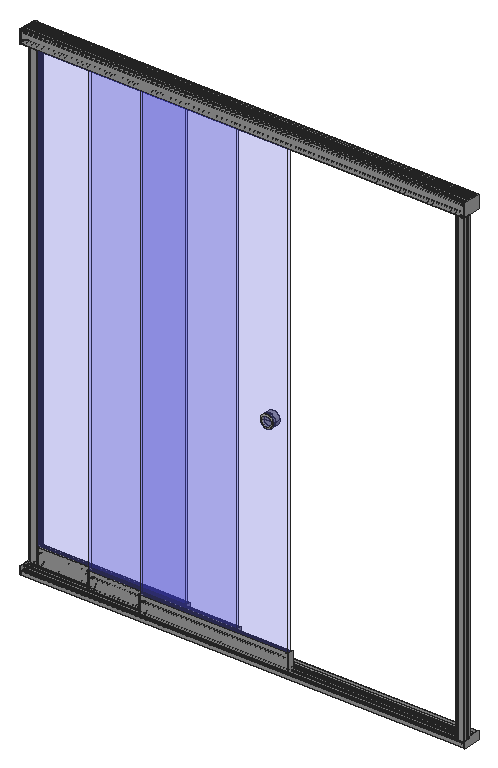
Revit family "SlideTec- 3 Panels.-Retracted 1 side", category Generic Models, Revit 2018 (continued)
Definition of nested family "Panel 1 & 2 "
  Automatic sketch dimensions
    Extrusion 2 sketch curve to Extrusion 2 sketch curve = 0 mm
  Nested families
    nested 1: "Slider Extrusion End Cap RH & LH" at (508.55, 0, 0) x (0, -1, 0) z (0, 0, 1), type "Slider Extrusion End Cap RH & LH"
    nested 2: "Slider Extrusion End Cap End" at (-508.55, 0, 0) x (0, 1, 0) z (0, 0, 1), type "Slider Extrusion End Cap End"
    nested 3: "Handle" at (-408.55, -6.021, 900), type "Handle"
  Definition of nested family "Slider Extrusion End Cap RH & LH"
    Parameters (values of type "Slider Extrusion End Cap RH & LH")
      Framing = none
    Reference planes
      plane 1 "Center (Front/Back)": y = 0
      plane 2: z = 0
      plane 3 "Center (Left/Right)": x = 0
    Forms (mm)
      Extrusion 1, solid, material <- "Framing"
        sketch origin (9.522, -6, 0) x (1, 0, 0) y (0, 1, 0)
          loop
            line (0, 0) -> (-0.051, -14.5) -> (3.708, -14.982) -> (2.849, 6) -> (-19.001, 6) -> (-19.001, 0) -> (0, 0)
        from 0 to 80.905
      Extrusion 2, solid, material <- "Framing"
        sketch origin (9.522, -6, 0) x (0, 1, 0) y (0, 0, 1)
          loop
            line (-31, 43.114) -> (-31, 30.955) -> (-14.14, 0) -> (0, 0) -> (0, 43.655) -> (-31, 43.114)
        from -2.78 to -15.892
      Extrusion 3, void
        sketch origin (12.371, 0, 0) x (-1, 0, 0) y (0, 0, 1)
          loop
            line (9.371, 0) -> (-2.356, 1.188) -> (-2.356, -1.415) -> (21.85, -1.415) -> (21.85, 0.659) -> (15.371, 0) -> (15.371, 8.755)
            arc (15.371, 8.755) -> (12.371, 11.755) -> (9.371, 8.755) r 3
            line (9.371, 8.755) -> (9.371, 0)
        from 0 to -28.971
      Extrusion 4, solid, material <- "Framing"
        sketch origin (6.742, -6, 0) x (0, 1, 0) y (0, 0, 1)
          loop
            line (0, 43.655) -> (-14.5, 43.402) -> (-14.5, -0.888) -> (0, -0.888) -> (0, 43.655)
        from 0 to 2.729
    Cuts and joins
      Extrusion 3 cuts Extrusion 1
      Extrusion 3 cuts Extrusion 2
      Extrusion 3 cuts Extrusion 4
    Dimensions and locks
      aligned and locked: level to plane 2
  Definition of nested family "Slider Extrusion End Cap End"
    Parameters (values of type "Slider Extrusion End Cap End")
      Framing = none
    Reference planes
      plane 1 "Center (Front/Back)": y = 0
      plane 2: z = 0
      plane 3 "Center (Left/Right)": x = 0
    Forms (mm)
      Extrusion 1, solid, material <- "Framing"
        sketch origin (9.522, -6, 0) x (1, 0, 0) y (0, 1, 0)
          loop
            line (-0.043, 6) -> (-19.001, 6) -> (-19.001, 0) -> (-0.043, 0) -> (-0.043, 6)
        from 0 to 80.905
      Extrusion 2, solid, material <- "Framing"
        sketch origin (9.522, -6, 0) x (0, 1, 0) y (0, 0, 1)
          loop
            line (-31, 43.114) -> (-31, 30.955) -> (-14.14, 0) -> (0, 0) -> (0, 43.655) -> (-31, 43.114)
        from -2.78 to -15.892
      Extrusion 3, void
        sketch origin (12.371, 0, 0) x (-1, 0, 0) y (0, 0, 1)
          loop
            line (9.371, 0) -> (-2.356, 1.188) -> (-2.356, -1.415) -> (21.85, -1.415) -> (21.85, 0.659) -> (15.371, 0) -> (15.371, 8.755)
            arc (15.371, 8.755) -> (12.371, 11.755) -> (9.371, 8.755) r 3
            line (9.371, 8.755) -> (9.371, 0)
        from 0 to -28.971
    Cuts and joins
      Extrusion 3 cuts Extrusion 1
      Extrusion 3 cuts Extrusion 2
    Dimensions and locks
      aligned and locked: level to plane 2
  Definition of nested family "Handle"
    Parameters (values of type "Handle")
      Handle = none
    Reference planes
      plane 1 "Center (Front/Back)": y = 0
      plane 2: z = 0
      plane 3 "Center (Left/Right)": x = 0
      plane 4: z = 0
    Forms (mm)
      Revolve 1, solid, material <- "Handle"
        sketch origin (0, 0, 0) x (1, 0, 0) y (0, 1, 0)
          loop
            line (-29, -21.25) -> (-22.5, -24.75) -> (-22.5, -4.268) -> (0, -4.268) -> (0, 4.573) -> (-22.5, 4.573) -> (-22.5, 15.75) -> (-29, 13.75) -> (-29, 12.75) -> (-27.181, 12.75) -> (-27.181, -0.75) -> (-29, -0.75) -> (-29, -21.25)
          axis (0, -24.75) -> (0, 15.75)
        angle from 0 to 360
    Dimensions and locks
      aligned and locked: level to plane 2
Definition of nested family "Panel 2"
  Parameters (values of type "Panel 2")
    Width = 767.125 mm
    Height [instance] = 2000 mm
    Glass = none
    Framing = none
  Reference planes
    plane 1 "Center (Front/Back)": y = 0
    plane 2: z = 0
    plane 3 "Center (Left/Right)": x = 0
    plane 4: x = -377.563
    plane 5: x = 377.563
    plane 6: z = 2000
    plane 7: x = -383.563
    plane 8: x = 383.563
  Forms (mm)
    Extrusion 1, solid, material <- "Framing"
      sketch origin (-125, 0, 0.663) x (0, 1, 0) y (0, 0, 1)
        loop
          line (-3.408, 45.955) -> (3.408, 45.955)
          arc (3.408, 45.955) -> (6.75, 47.192) -> (3.408, 48.43) r 1.9
          line (3.408, 48.43) -> (-3.408, 48.43)
          arc (-3.408, 48.43) -> (-6.75, 47.192) -> (-3.408, 45.955) r 1.9
        loop
          arc (8.85, 0) -> (9.204, 0.146) -> (9.35, 0.5) r 0.5
          line (9.35, 0.5) -> (9.35, 79.992) -> (6.3, 79.992) -> (6.3, 76.917) -> (6.6, 76.144) -> (6.6, 72.75) -> (6.3, 71.977) -> (6.3, 66.917) -> (6.6, 66.144) -> (6.6, 62.75) -> (6.3, 61.977) -> (6.3, 56.917) -> (6.6, 56.144) -> (6.6, 52.492) -> (2.5, 52.492) -> (2.5, 51.292) -> (-2.5, 51.292) -> (-2.5, 52.492) -> (-6.6, 52.492) -> (-6.6, 56.144) -> (-6.3, 56.917) -> (-6.3, 61.977) -> (-6.6, 62.75) -> (-6.6, 66.144) -> (-6.3, 66.917) -> (-6.3, 71.977) -> (-6.6, 72.75) -> (-6.6, 76.144) -> (-6.3, 76.917) -> (-6.3, 79.992) -> (-9.35, 79.992) -> (-9.35, 0.5)
          arc (-9.35, 0.5) -> (-9.204, 0.146) -> (-8.85, 0) r 0.5
          line (-8.85, 0) -> (-7.25, 0) -> (-7.25, 4.819) -> (-7.651, 5.547) -> (-7.751, 43.092) -> (7.75, 43.092) -> (7.75, 11.092) -> (7.75, 5.726) -> (7.35, 5) -> (7.244, 0) -> (8.85, 0)
      from -252.563 to 502.563
    Extrusion 2, solid, material <- "Glass"
      sketch origin (-125, 0, 0.163) x (0, 1, 0) y (0, 0, 1)
        loop
          line (5.979, 53.992) -> (5.979, 2000) -> (-6.021, 2000) -> (-6.021, 53.992) -> (-5.021, 52.992) -> (4.979, 52.992) -> (5.979, 53.992)
      from -252.563 to 502.563
  Dimensions and locks
    "Height": plane 6 to plane 2
    locked: plane 7 to plane 4 at 6
    locked: plane 5 to plane 8 at 6
    equal spacing: plane 4, plane 3 "Center (Left/Right)", plane 5
    "Width": plane 7 to plane 8
    aligned and locked: level to plane 2
    aligned and locked: Extrusion 2 to plane 4
    aligned and locked: Extrusion 2 to plane 5
    aligned and locked: nested 2 to plane 7
    aligned and locked: Extrusion 1 to plane 4
    aligned and locked: nested 1 to plane 8
    aligned and locked: Extrusion 1 to plane 5
  Automatic sketch dimensions
    plane 1 "Center (Front/Back)" to Extrusion 1 sketch curve = 9.35 mm
    Extrusion 1 sketch curve to Extrusion 1 sketch curve = 0.5 mm
    plane 1 "Center (Front/Back)" to Extrusion 1 sketch curve = 7.751 mm
    Extrusion 1 sketch curve to Extrusion 1 sketch curve = 1.199 mm
    Extrusion 1 sketch curve to Extrusion 1 sketch curve = 0.401 mm
    plane 1 "Center (Front/Back)" to Extrusion 1 sketch curve = 6.6 mm  (x2)
    Extrusion 1 sketch curve to Extrusion 1 sketch curve = 2.75 mm
    Extrusion 1 sketch curve to Extrusion 1 sketch curve = 0.3 mm  (x6)
    plane 1 "Center (Front/Back)" to Extrusion 1 sketch curve = 4.85 mm
    Extrusion 1 sketch curve to Extrusion 1 sketch curve = 1.442 mm  (x3)
    plane 1 "Center (Front/Back)" to Extrusion 1 sketch curve = 2.5 mm
    Extrusion 1 sketch curve to plane 1 "Center (Front/Back)" = 2.5 mm
    Extrusion 1 sketch curve to Extrusion 1 sketch curve = 0.908 mm
    Extrusion 1 sketch curve to Extrusion 1 sketch curve = 0 mm  (x2)
    Extrusion 1 sketch curve to plane 1 "Center (Front/Back)" = 6.3 mm  (x2)
    level to Extrusion 1 sketch curve = 0.663 mm  (x2)
    Extrusion 1 sketch curve to plane 1 "Center (Front/Back)" = 7.244 mm
    Extrusion 1 sketch curve to Extrusion 1 sketch curve = 0.106 mm
    Extrusion 1 sketch curve to Extrusion 1 sketch curve = 0.4 mm
    Extrusion 1 sketch curve to Extrusion 1 sketch curve = 1.606 mm
    Extrusion 1 sketch curve to Extrusion 1 sketch curve = 3.05 mm
    Extrusion 1 sketch curve to Extrusion 1 sketch curve = 4.319 mm
    Extrusion 1 sketch curve to Extrusion 1 sketch curve = 4.5 mm
    Extrusion 1 sketch curve to Extrusion 1 sketch curve = 0.728 mm
    Extrusion 1 sketch curve to Extrusion 1 sketch curve = 0.726 mm
    Extrusion 1 sketch curve to Extrusion 1 sketch curve = 5.367 mm
    Extrusion 1 sketch curve to Extrusion 1 sketch curve = 32 mm
    Extrusion 1 sketch curve to Extrusion 1 sketch curve = 2.862 mm  (x2)
    Extrusion 1 sketch curve to Extrusion 1 sketch curve = 1.238 mm
    Extrusion 1 sketch curve to Extrusion 1 sketch curve = 1.2 mm  (x2)
    Extrusion 1 sketch curve to Extrusion 1 sketch curve = 3.652 mm  (x2)
    Extrusion 1 sketch curve to Extrusion 1 sketch curve = 0.773 mm  (x10)
    Extrusion 1 sketch curve to Extrusion 1 sketch curve = 5.06 mm  (x4)
    Extrusion 1 sketch curve to Extrusion 1 sketch curve = 3.394 mm  (x2)
    Extrusion 1 sketch curve to Extrusion 1 sketch curve = 4.167 mm  (x2)
    Extrusion 1 sketch curve to Extrusion 1 sketch curve = 3.076 mm  (x2)
    plane 6 to Extrusion 2 sketch curve = 0.163 mm
    plane 1 "Center (Front/Back)" to Extrusion 2 sketch curve = 6.021 mm
    Extrusion 2 sketch curve to Extrusion 2 sketch curve = 1 mm  (x2)
    Extrusion 2 sketch curve to plane 1 "Center (Front/Back)" = 4.979 mm
    Extrusion 2 sketch curve to plane 1 "Center (Front/Back)" = 5.979 mm
    level to Extrusion 2 sketch curve = 54.155 mm
    Extrusion 2 sketch curve to Extrusion 2 sketch curve = 0 mm
  Nested families
    nested 1: "Slider Extrusion End Cap RH & LH" at (383.563, 0, 0) x (0, -1, 0) z (0, 0, 1), type "Slider Extrusion End Cap RH & LH"
    nested 2: "Slider Extrusion End Cap RH & LH" at (-383.563, 0, 0) x (0, 1, 0) z (0, 0, 1), type "Slider Extrusion End Cap RH & LH"
  Definition of nested family "Slider Extrusion End Cap RH & LH"
    Parameters (values of type "Slider Extrusion End Cap RH & LH")
      Framing = none
    Reference planes
      plane 1 "Center (Front/Back)": y = 0
      plane 2: z = 0
      plane 3 "Center (Left/Right)": x = 0
    Forms (mm)
      Extrusion 1, solid, material <- "Framing"
        sketch origin (9.522, -6, 0) x (1, 0, 0) y (0, 1, 0)
          loop
            line (0, 0) -> (-0.051, -14.5) -> (3.708, -14.982) -> (2.849, 6) -> (-19.001, 6) -> (-19.001, 0) -> (0, 0)
        from 0 to 80.905
      Extrusion 2, solid, material <- "Framing"
        sketch origin (9.522, -6, 0) x (0, 1, 0) y (0, 0, 1)
          loop
            line (-31, 43.114) -> (-31, 30.955) -> (-14.14, 0) -> (0, 0) -> (0, 43.655) -> (-31, 43.114)
        from -2.78 to -15.892
      Extrusion 3, void
        sketch origin (12.371, 0, 0) x (-1, 0, 0) y (0, 0, 1)
          loop
            line (9.371, 0) -> (-2.356, 1.188) -> (-2.356, -1.415) -> (21.85, -1.415) -> (21.85, 0.659) -> (15.371, 0) -> (15.371, 8.755)
            arc (15.371, 8.755) -> (12.371, 11.755) -> (9.371, 8.755) r 3
            line (9.371, 8.755) -> (9.371, 0)
        from 0 to -28.971
      Extrusion 4, solid, material <- "Framing"
        sketch origin (6.742, -6, 0) x (0, 1, 0) y (0, 0, 1)
          loop
            line (0, 43.655) -> (-14.5, 43.402) -> (-14.5, -0.888) -> (0, -0.888) -> (0, 43.655)
        from 0 to 2.729
    Cuts and joins
      Extrusion 3 cuts Extrusion 1
      Extrusion 3 cuts Extrusion 2
      Extrusion 3 cuts Extrusion 4
    Dimensions and locks
      aligned and locked: level to plane 2
